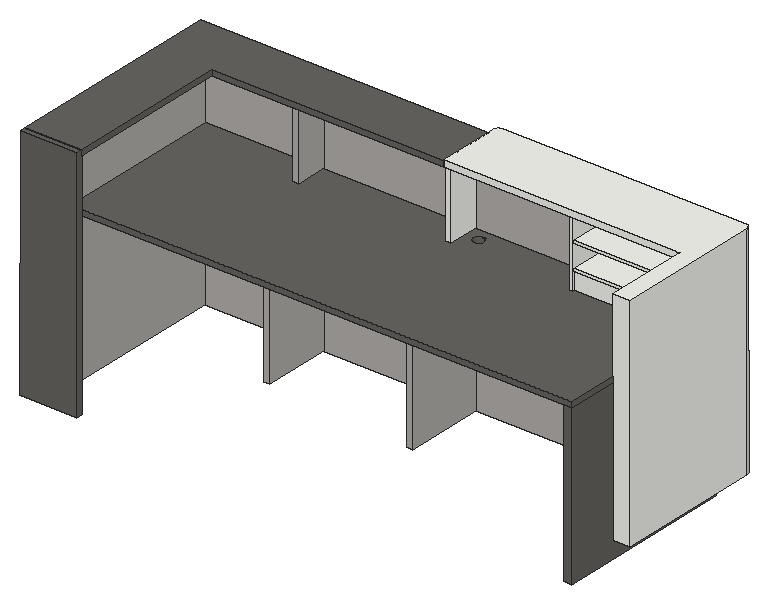
Revit family "Table-Teknion-CWRF_Reception_Full_Enclosure-R2016", category Furniture, Revit 2018 (continued)
Dimensions and locks (in)
  aligned and locked: plane 16 to Sweep 31 sketch curve
  aligned and locked: plane 1 "Center Front/Back" to Sweep 31 sketch curve
  aligned and locked: Sweep 31 sketch curve to level
  aligned and locked: plane 22 to Sweep 32 sketch curve
  aligned and locked: plane 1 "Center Front/Back" to Sweep 32 sketch curve
  aligned and locked: Sweep 32 sketch curve to level
  aligned and locked: plane 23 to Sweep 33 sketch curve
  aligned and locked: plane 1 "Center Front/Back" to Sweep 33 sketch curve
  aligned and locked: plane 10 to Sweep 34 sketch curve
  aligned and locked: Sweep 34 sketch curve to plane 3 "Center Left/Right"
  aligned and locked: Sweep 34 sketch curve to plane 18
  aligned and locked: plane 19 to Sweep 34 sketch curve
  aligned and locked: Sweep 34 sketch curve to level
  aligned and locked: level to Sweep 34 sketch curve
  aligned and locked: plane 1 "Center Front/Back" to Sweep 35 sketch curve
  aligned and locked: Sweep 37 sketch curve to plane 3 "Center Left/Right"
  aligned and locked: Sweep 38 sketch curve to plane 3 "Center Left/Right"
  aligned and locked: plane 4 "Left" to curve 63
  aligned and locked: curve 62 to plane 6 "Back"
  aligned and locked: plane 5 "Right" to curve 65
  aligned and locked: curve 64 to plane 7 "Front"
  aligned and locked: Masking region 4 sketch curve to curve 64
  aligned and locked: Masking region 4 sketch curve to curve 63
  aligned and locked: Masking region 4 sketch curve to Sweep 4  (x2)
  aligned and locked: Masking region 5 sketch curve to Sweep 3  (x2)
  aligned and locked: Masking region 5 sketch curve to curve 64
  aligned and locked: curve 65 to Masking region 5 sketch curve
  aligned and locked: plane 13 to Masking region 6 sketch curve
  aligned and locked: Masking region 6 sketch curve to plane 17
  aligned and locked: plane 17 to Masking region 7 sketch curve
  aligned and locked: plane 13 to Masking region 7 sketch curve
  aligned and locked: Masking region 8 sketch curve to plane 16
  aligned and locked: plane 13 to Masking region 8 sketch curve
  aligned and locked: plane 16 to Masking region 9 sketch curve
  aligned and locked: plane 13 to Masking region 9 sketch curve
  aligned and locked: plane 13 to Masking region 10 sketch curve  (x2)
  aligned and locked: plane 18 to Masking region 10 sketch curve
  aligned and locked: plane 19 to Masking region 10 sketch curve
  aligned and locked: Masking region 11 sketch curve to plane 18
  aligned and locked: Masking region 11 sketch curve to plane 19
  aligned and locked: plane 13 to Masking region 11 sketch curve
  aligned and locked: plane 13 to Masking region 12 sketch curve
  aligned and locked: Masking region 13 sketch curve to plane 13
  aligned and locked: nested 2 to plane 6 "Back"
  aligned and locked: curve 66 to cut or joined group of Sweep 30, Sweep 35
  aligned and locked: curve 67 to cut or joined group of Sweep 30, Sweep 35
  aligned and locked: curve 68 to cut or joined group of Sweep 31, Sweep 35
  aligned and locked: curve 69 to cut or joined group of Sweep 31, Sweep 35
  aligned and locked: curve 70 to cut or joined group of Sweep 22, Sweep 38
  aligned and locked: curve 71 to cut or joined group of Sweep 22, Sweep 38
  aligned and locked: curve 72 to cut or joined group of Sweep 22, Sweep 38
  aligned and locked: curve 73 to cut or joined group of Sweep 22, Sweep 38
  aligned and locked: curve 74 to cut or joined group of Sweep 24, Sweep 36
  aligned and locked: curve 75 to cut or joined group of Sweep 24, Sweep 36
  aligned and locked: curve 76 to cut or joined group of Sweep 25, Sweep 37
  aligned and locked: curve 77 to cut or joined group of Sweep 25, Sweep 37
  aligned and locked: plane 1 "Center Front/Back" to Sweep 39 sketch curve
  aligned and locked: plane 1 "Center Front/Back" to Sweep 40 sketch curve
  aligned and locked: plane 1 "Center Front/Back" to Sweep 41 sketch curve
  aligned and locked: plane 1 "Center Front/Back" to Sweep 42 sketch curve
  aligned and locked: curve 79 to cut or joined group of Sweep 32, Sweep 35
  aligned and locked: curve 80 to cut or joined group of Sweep 32, Sweep 35
  aligned and locked: curve 81 to cut or joined group of Sweep 32, Sweep 35
  aligned and locked: curve 82 to cut or joined group of Sweep 32, Sweep 35
  aligned and locked: curve 83 to cut or joined group of Sweep 33, Sweep 35
  aligned and locked: curve 84 to cut or joined group of Sweep 33, Sweep 35
  aligned and locked: curve 85 to cut or joined group of Sweep 33, Sweep 35
  aligned and locked: curve 86 to cut or joined group of Sweep 33, Sweep 35
  aligned and locked: Sweep 41 to curve 87
  aligned and locked: curve 88 to Sweep 41
  aligned and locked: curve 90 to Sweep 41
  aligned and locked: curve 91 to Sweep 42
  aligned and locked: curve 92 to Sweep 42
  aligned and locked: curve 93 to Sweep 42
  aligned and locked: curve 94 to Sweep 42
  aligned and locked: Sweep 41 to curve 95
  aligned and locked: curve 96 to Sweep 41
  aligned and locked: curve 97 to Sweep 42
  aligned and locked: curve 98 to Sweep 42
  aligned and locked: curve 99 to Sweep 40
  aligned and locked: curve 100 to Sweep 40
  aligned and locked: curve 103 to Sweep 39
  aligned and locked: curve 104 to Sweep 40
  aligned and locked: curve 105 to Sweep 17
  aligned and locked: curve 106 to Sweep 17
  aligned and locked: curve 108 to Sweep 9
  aligned and locked: curve 109 to Sweep 11
  aligned and locked: curve 110 to Sweep 18
  aligned and locked: Sweep 4 to curve 109
  aligned and locked: Sweep 3 to curve 108
Automatic sketch dimensions
  plane 10 to Sweep 2 sketch curve = 2.000"
  Sweep 3 sketch curve to plane 16 = 0.000"
  Sweep 33 sketch curve to level = 0.000"
  Sweep 36 sketch curve to plane 3 "Center Left/Right" = 0.000"
  curve 55 to plane 18 = 0.000"
  curve 54 to plane 18 = 0.000"
  curve 53 to plane 18 = 0.000"
  curve 61 to plane 16 = 0.000"
  curve 60 to plane 16 = 0.000"
  curve 59 to plane 16 = 0.000"
  curve 17 to plane 10 = 0.000"
  curve 58 to plane 17 = 0.000"
  curve 56 to plane 17 = 0.000"
  curve 57 to plane 17 = 0.000"
  curve 52 to plane 19 = 0.000"
  curve 51 to plane 19 = 0.000"
  curve 50 to plane 19 = 0.000"
  plane 16 to curve 88 = 1.250"
  curve 17 to plane 3 "Center Left/Right" = 0.750"
  plane 3 "Center Left/Right" to curve 17 = 0.750"
  curve 102 to curve 103 = 0.000"
  curve 36 to curve 78 = 0.000"
  curve 49 to plane 7 "Front" = 1.039"
  curve 49 to curve 48 = 0.000"
  curve 44 to plane 7 "Front" = 1.039"
  curve 44 to curve 45 = 0.000"
  curve 48 to curve 47 = 0.000"
  curve 45 to curve 46 = 0.000"
  radius of Sweep 35 sketch curve = 1.250"
  radius of Sweep 36 sketch curve = 1.000"
  radius of Sweep 37 sketch curve = 1.000"
  radius of Sweep 38 sketch curve = 1.000"  (x2)
Nested families (in)
  nested 1: "Accessory-Teknion-Reception_Transaction_Counter-R2016" at (-45, 15, 0), Width <- "Width", visible <- "Left", Transaction Finish <- "Transaction Finish", Left or Right <- "Left", Base Finish <- "Base Finish", type "Transaction Counter"
    with Width Availability "84, 96, 108, 120, 132, 144, and 156 Inches.", Width 96.000", Transaction Finish Wood - Teknion - MV - Solid Surface - Glacier White, Top 6.000", To render, please download texture images found here "https://assets.teknion.com/web/5e81352c1dfdb467/revit-material-swatches/", Right 42.000", Outlet Finish Plastic - Teknion - 30 - Grey, Offset 4 16.000", Offset 3 27.000", Offset 1 42.000", Offest 2 20.000", Left or Right no, Left 3.000", How To Use Teknion Materials User Guide "https://assets.teknion.com/m/205dd0a49fa58060/original/How-to-add-a-Material-Library-and-Texture-Images-to-your-Revit-project.pdf", For Additional Finishes, please visit "https://assets.teknion.com/m/44a8009b046e5d47/original/Teknion_Materials_Library.zip", Center no, Bottom 21.000", Base Finish Veneer-Teknion-5S-Flintwood-Silverwash
  nested 2: "Accessory-Teknion-Reception_Transaction_Counter-R2016" at (45, 15, 0.0625) x (-1, 0, 0) z (0, 0, 1), Width <- "Width", visible <- "Right", Transaction Finish <- "Transaction Finish", Left or Right <- "Right", type "Transaction Counter"
    with Width Availability "84, 96, 108, 120, 132, 144, and 156 Inches.", Width 96.000", Transaction Finish Wood - Teknion - MV - Solid Surface - Glacier White, Top 6.000", To render, please download texture images found here "https://assets.teknion.com/web/5e81352c1dfdb467/revit-material-swatches/", Right 42.000", Outlet Finish Plastic - Teknion - 30 - Grey, Offset 4 16.000", Offset 3 27.000", Offset 1 42.000", Offest 2 20.000", Left or Right yes, Left 3.000", How To Use Teknion Materials User Guide "https://assets.teknion.com/m/205dd0a49fa58060/original/How-to-add-a-Material-Library-and-Texture-Images-to-your-Revit-project.pdf", For Additional Finishes, please visit "https://assets.teknion.com/m/44a8009b046e5d47/original/Teknion_Materials_Library.zip", Center no, Bottom 21.000", Base Finish none
  nested 3: "Accessory-Teknion-Reception_Transaction_Counter-R2016" at (0, 15, 0), Width <- "Width", Transaction Finish <- "Transaction Finish", visible <- "Center", Center <- "Center", Base Finish <- "Base Finish", type "Transaction Counter"
    with Width Availability "84, 96, 108, 120, 132, 144, and 156 Inches.", Width 96.000", Transaction Finish Wood - Teknion - MV - Solid Surface - Glacier White, Top 6.000", To render, please download texture images found here "https://assets.teknion.com/web/5e81352c1dfdb467/revit-material-swatches/", Right 42.000", Outlet Finish Plastic - Teknion - 30 - Grey, Offset 4 16.000", Offset 3 27.000", Offset 1 42.000", Offest 2 20.000", Left or Right no, Left 3.000", How To Use Teknion Materials User Guide "https://assets.teknion.com/m/205dd0a49fa58060/original/How-to-add-a-Material-Library-and-Texture-Images-to-your-Revit-project.pdf", For Additional Finishes, please visit "https://assets.teknion.com/m/44a8009b046e5d47/original/Teknion_Materials_Library.zip", Center no, Bottom 21.000", Base Finish Veneer-Teknion-5S-Flintwood-Silverwash
Definition of nested family "Accessory-Teknion-Reception_Transaction_Counter-R2016"
  Parameters (values of type "Transaction Counter")
    Width Availability [instance] = "84, 96, 108, 120, 132, 144, and 156 Inches."  # constant formula
    Width [instance] = 156.000"
    Warranty = "http://www.teknion.com/ca/papers/legal-canada"
    Unit Weight URL = "http://www.teknion.com/ca/tools/assets#&asset=bee6a381-b954-425e-8283-5a2de3a804f2,f828d448-4b62-4231-9e5f-9a8991c0ed77"
    URL = "www.teknion.com"
    Transaction Finish [instance] = none
    Top [instance] = if(Center, 7.250", 6.000")  # 7.250"
    To render, please download texture images found here [instance] = "https://assets.teknion.com/web/5e81352c1dfdb467/revit-material-swatches/"
    Sustainability Data = "https://www.teknion.com/ca/tools/assets#&topic=216f99a5-57a0-44fc-b10a-9dee9b29ae4c&asset=444deb64-fe58-4b68-981e-f75e97781df7,b4ff2d81-9f2e-437d-9659-7cffb09c31cf"
    Series = "Custom Wood"
    Right [instance] = if(Center, Offset 3, Offset 1)  # 28.500"
    Product Page URL = "https://assets.teknion.com/m/148e0412a085a50e/original/Teknion-Reception-Sell-Sheet.pdf"
    Product Line = "Custom Wodd"
    Product Documentation Link = ""
    Part Number = "CWRF"
    Outlet Finish [instance] = none
    Offset 4 [instance] = if(Width = 144.000", 17.500", if(Width = 156.000", 19.000", 16.000"))  # 19.000"
    Offset 3 [instance] = if(Width = 144.000", 30.000", if(Width = 156.000", 28.500", 27.000"))  # 28.500"
    Offset 1 [instance] = if(Width = 84.000", 39.000", if(Width = 96.000", 42.000", if(Width = 108.000", 45.000", if(Width = 120.000", 48.000", if(Width = 132.000", 51.000", if(Width = 144.000", 54.000", 57.000"))))))  # 57.000"
    Offest 2 [instance] = if(Width = 84.000", 16.000", 20.000")  # 20.000"
    Model = ""
    Manufacturer Phone = "416-661-3370"  # constant formula
    Manufacturer Fax = "416.661.4586"  # constant formula
    Manufacturer Contact Information = "http://www.teknion.com/ca/contactus"
    Manufacturer Address = "1150 Flint Road, Toronto, ON. M3J 2J5. Canada"  # constant formula
    Manufacturer = "Teknion"  # constant formula
    Left or Right [instance] = no
    Left [instance] = if(Center, Offset 3, 3.000")  # 28.500"
    How To Use Teknion Materials User Guide [instance] = "https://assets.teknion.com/m/205dd0a49fa58060/original/How-to-add-a-Material-Library-and-Texture-Images-to-your-Revit-project.pdf"
    For Additional Finishes, please visit [instance] = "https://assets.teknion.com/m/44a8009b046e5d47/original/Teknion_Materials_Library.zip"
    Description = "Transaction Counter"
    Center [instance] = yes
    Bottom [instance] = if(Center, 4.750", 21.000")  # 4.750"
    Base Finish [instance] = none
    Assembly Code = "E2020200"
  Reference planes (in)
    plane 1 "Center Front/Back": y = 0
    plane 2: z = 0
    plane 3 "Center Left/Right": x = 0
    plane 4 "Left": x = -28.5
    plane 5 "Right": x = 28.5
    plane 6 "Back": y = 7.25
    plane 7 "Front": y = -4.75
    plane 8 "Top": z = 42.05906
    plane 9: x = -3
    plane 10: y = -21
    plane 11: y = 6
    plane 12: x = 57
    plane 13: z = 3.05906
    plane 14: x = 20
    plane 15: x = -28.5
    plane 16: y = -4.75
    plane 17: x = 28.5
    plane 18: y = 7.25
    plane 19: x = -10
    plane 20: x = 10
  Forms (in)
    Sweep 1, solid, material <- "Transaction Finish", visible <- "Left or Right"
      path origin (0, 0, 0) x (1, 0, 0) y (0, 0, 1)
        loop
          line (0, 3.05906) -> (0, 42.05906)
      profile origin (0, 0, 22.55906) x (-1, 0, 0) y (0, -1, 0)
        loop
          arc (2, -6) -> (2.70711, -5.70711) -> (3, -5) r 1
          line (3, -5) -> (3, 21) -> (0, 21) -> (0, 20.5) -> (2.5, 20.5) -> (2.5, -5.5) -> (-56.5, -5.5) -> (-56.5, -1) -> (-57, -1) -> (-57, -5)
          arc (-57, -5) -> (-56.70711, -5.70711) -> (-56, -6) r 1
          line (-56, -6) -> (2, -6)
    Sweep 2, solid, material <- "Transaction Finish", visible <- "Left or Right"
      path origin (0, 0, 0) x (1, 0, 0) y (0, 0, 1)
        loop
          line (0, 3.05906) -> (0, 41)
      profile origin (0, 0, 22.02953) x (-1, 0, 0) y (0, -1, 0)
        loop
          line (0.5, 20) -> (2, 20) -> (2, -5) -> (-39.25, -5) -> (-39.25, -1) -> (-40, -1) -> (-40, -5) -> (-56, -5) -> (-56, -1) -> (-56.5, -1) -> (-56.5, -5.5) -> (2.5, -5.5) -> (2.5, 20.5) -> (0.5, 20.5) -> (0.5, 20)
    Sweep 3, solid, material <- "Transaction Finish", visible <- "Left or Right"
      path origin (0, 0, 0) x (1, 0, 0) y (0, 0, 1)
        loop
          line (0, 41) -> (0, 42.05906)
      profile origin (0, 0, 41.52953) x (-1, 0, 0) y (0, -1, 0)
        loop
          line (3, 21) -> (0, 21) -> (0, 6) -> (-57, 6) -> (-57, -5)
          arc (-57, -5) -> (-56.70711, -5.70711) -> (-56, -6) r 1
          line (-56, -6) -> (2, -6)
          arc (2, -6) -> (2.70711, -5.70711) -> (3, -5) r 1
          line (3, -5) -> (3, 21)
    Sweep 4, solid, material <- "Transaction Finish", visible <- "Left or Right"
      path origin (0, 0, 0) x (1, 0, 0) y (0, 0, 1)
        loop
          line (0, 29) -> (0, 41)
      profile origin (0, 0, 35) x (-1, 0, 0) y (0, -1, 0)
        loop
          line (0.5, 5) -> (0.5, 20.5) -> (0, 20.5) -> (0, 5) -> (0.5, 5)
    Sweep 5, solid, material <- "Transaction Finish", visible <- "Left or Right"
      path origin (0, 0, 0) x (1, 0, 0) y (0, 0, 1)
        loop
          line (0, 29) -> (0, 41)
      profile origin (0, 0, 35) x (-1, 0, 0) y (0, -1, 0)
        loop
          line (-56, 0) -> (-56, 5.5) -> (-57, 5.5) -> (-57, 0) -> (-56, 0)
    Sweep 6, solid, material <- "Transaction Finish", visible <- "Left or Right"
      path origin (0, 0, 0) x (1, 0, 0) y (0, 0, 1)
        loop
          line (0, 29) -> (0, 41)
      profile origin (0, 0, 35) x (-1, 0, 0) y (0, -1, 0)
        loop
          line (0, -5) -> (0, 5.5) -> (-0.5, 5.5) -> (-0.5, -5) -> (0, -5)
        loop
          line (-19.5, -5) -> (-19.5, 5.5) -> (-20, 5.5) -> (-20, -5) -> (-19.5, -5)
    Sweep 7, solid, material <- "Transaction Finish", visible <- "Left or Right"
      path origin (0, 0, 0) x (1, 0, 0) y (0, 1, 0)
        loop
          line (0.5, 0) -> (19.5, 0)
      profile origin (10, 0, 0) x (0, 1, 0) y (0, 0, 1)
        loop
          line (4.9, 32.5) -> (-5.375, 32.5) -> (-5.375, 32) -> (-5.275, 32) -> (-5.275, 29) -> (-4.775, 29) -> (-4.775, 32) -> (4.9, 32) -> (4.9, 32.5)
        loop
          line (4.9, 37) -> (-5.375, 37) -> (-5.375, 36.5) -> (4.9, 36.5) -> (4.9, 37)
    Sweep 8, solid, material <- "Transaction Finish", visible <- "Center"
      path origin (0, 0, 0) x (1, 0, 0) y (0, 0, 1)
        loop
          line (0, 3.05906) -> (0, 41)
      profile origin (0, 0, 22.02953) x (-1, 0, 0) y (0, -1, 0)
        loop
          line (28.5, -2.25) -> (28, -2.25) -> (28, -6.75) -> (-28, -6.75) -> (-28, -2.25) -> (-28.5, -2.25) -> (-28.5, -6.25)
          arc (-28.5, -6.25) -> (-28.20711, -6.95711) -> (-27.5, -7.25) r 1
          line (-27.5, -7.25) -> (27.5, -7.25)
          arc (27.5, -7.25) -> (28.20711, -6.95711) -> (28.5, -6.25) r 1
          line (28.5, -6.25) -> (28.5, -2.25)
    Sweep 9, solid, material <- "Transaction Finish", visible <- "Center"
      path origin (0, 0, 0) x (1, 0, 0) y (0, 0, 1)
        loop
          line (0, 3.05906) -> (0, 41)
      profile origin (0, 0, 22.02953) x (-1, 0, 0) y (0, -1, 0)
        loop
          line (28, -2.25) -> (27.5, -2.25) -> (27.5, -6.25) -> (-27.5, -6.25) -> (-27.5, -2.25) -> (-28, -2.25) -> (-28, -6.75) -> (28, -6.75) -> (28, -2.25)
    Sweep 10, solid, material <- "Base Finish", visible <- "Center"
      path origin (0, 0, 0) x (1, 0, 0) y (0, 1, 0)
        loop
          line (0, 1.25) -> (0, 2.25)
      profile origin (0, 1.75, 0) x (-1, 0, 0) y (0, 0, 1)
        loop
          arc (10, 27.5) -> (9.85355, 27.14645) -> (9.5, 27) r 0.5
          line (9.5, 27) -> (1.5, 27) -> (1.5, 0) -> (28.5, 0) -> (28.5, 41) -> (10, 41) -> (10, 27.5)
        loop
          line (-10, 27.5) -> (-10, 41) -> (-28.5, 41) -> (-28.5, 0) -> (-1.5, 0) -> (-1.5, 27) -> (-9.5, 27)
          arc (-9.5, 27) -> (-9.85355, 27.14645) -> (-10, 27.5) r 0.5
    Sweep 11, solid, material <- "Transaction Finish", visible <- "Center"
      path origin (0, 0, 0) x (1, 0, 0) y (0, 0, 1)
        loop
          line (0, 41) -> (0, 42.05906)
      profile origin (0, 0, 41.52953) x (-1, 0, 0) y (0, -1, 0)
        loop
          line (28.5, 4.75) -> (-28.5, 4.75) -> (-28.5, -6.25)
          arc (-28.5, -6.25) -> (-28.20711, -6.95711) -> (-27.5, -7.25) r 1
          line (-27.5, -7.25) -> (27.5, -7.25)
          arc (27.5, -7.25) -> (28.20711, -6.95711) -> (28.5, -6.25) r 1
          line (28.5, -6.25) -> (28.5, 4.75)
    Sweep 12, solid, material <- "Transaction Finish", visible <- "Center"
      path origin (0, 0, 0) x (1, 0, 0) y (0, 0, 1)
        loop
          line (0, 29) -> (0, 41)
      profile origin (0, 0, 35) x (-1, 0, 0) y (0, -1, 0)
        loop
          line (28.5, -1.25) -> (28.5, 4.25) -> (27.5, 4.25) -> (27.5, -1.25) -> (28.5, -1.25)
        loop
          line (-27.5, -1.25) -> (-27.5, 4.25) -> (-28.5, 4.25) -> (-28.5, -1.25) -> (-27.5, -1.25)
        loop
          line (10, -6.25) -> (10, 4.25) -> (9.5, 4.25) -> (9.5, -6.25) -> (10, -6.25)
        loop
          line (-9.5, 4.25) -> (-10, 4.25) -> (-10, -6.25) -> (-9.5, -6.25) -> (-9.5, 4.25)
    Sweep 13, solid, material <- "Transaction Finish", visible <- "Center"
      path origin (0, 0, 0) x (1, 0, 0) y (0, 1, 0)
        loop
          line (-9.5, 0) -> (9.5, 0)
      profile origin (0, 0, 0) x (0, 1, 0) y (0, 0, 1)
        loop
          line (-4.125, 32) -> (-4.025, 32) -> (-4.025, 29) -> (-3.525, 29) -> (-3.525, 32) -> (6.15, 32) -> (6.15, 32.5) -> (-4.125, 32.5) -> (-4.125, 32)
        loop
          line (-4.125, 36.5) -> (6.15, 36.5) -> (6.15, 37) -> (-4.125, 37) -> (-4.125, 36.5)
    Sweep 14, solid, material <- "Outlet Finish", visible <- "Left or Right"
      path origin (0, 0, 0) x (1, 0, 0) y (0, 1, 0)
        loop
          line (20, 0) -> (20.06, 0)
      profile origin (20.03, 0, 0) x (0, 1, 0) y (0, 0, 1)
        loop
          arc (-5.15846, 29.25) -> (-5.08524, 29.07322) -> (-4.90846, 29) r 0.25
          line (-4.90846, 29) -> (-0.40846, 29)
          arc (-0.40846, 29) -> (-0.23169, 29.07322) -> (-0.15846, 29.25) r 0.25
          line (-0.15846, 29.25) -> (-0.15846, 31.75)
          arc (-0.15846, 31.75) -> (-0.23169, 31.92678) -> (-0.40846, 32) r 0.25
          line (-0.40846, 32) -> (-4.90846, 32)
          arc (-4.90846, 32) -> (-5.08524, 31.92678) -> (-5.15846, 31.75) r 0.25
          line (-5.15846, 31.75) -> (-5.15846, 29.25)
        loop
          line (-4.525, 31.3) -> (-4.525, 29.7)
          arc (-4.525, 29.7) -> (-4.46642, 29.55858) -> (-4.325, 29.5) r 0.2
          line (-4.325, 29.5) -> (-0.975, 29.5)
          arc (-0.975, 29.5) -> (-0.83358, 29.55858) -> (-0.775, 29.7) r 0.2
          line (-0.775, 29.7) -> (-0.775, 31.3)
          arc (-0.775, 31.3) -> (-0.83358, 31.44142) -> (-0.975, 31.5) r 0.2
          line (-0.975, 31.5) -> (-4.325, 31.5)
          arc (-4.325, 31.5) -> (-4.46642, 31.44142) -> (-4.525, 31.3) r 0.2
    Sweep 15, solid, material <- "Outlet Finish", visible <- "Left or Right"
      path origin (0, 0, 0) x (1, 0, 0) y (0, 1, 0)
        loop
          line (20, 0) -> (20.09, 0)
      profile origin (20.045, 0, 0) x (0, 1, 0) y (0, 0, 1)
        loop
          line (-4.525, 31.3) -> (-4.525, 29.7)
          arc (-4.525, 29.7) -> (-4.46642, 29.55858) -> (-4.325, 29.5) r 0.2
          line (-4.325, 29.5) -> (-0.975, 29.5)
          arc (-0.975, 29.5) -> (-0.83358, 29.55858) -> (-0.775, 29.7) r 0.2
          line (-0.775, 29.7) -> (-0.775, 31.3)
          arc (-0.775, 31.3) -> (-0.83358, 31.44142) -> (-0.975, 31.5) r 0.2
          line (-0.975, 31.5) -> (-4.325, 31.5)
          arc (-4.325, 31.5) -> (-4.46642, 31.44142) -> (-4.525, 31.3) r 0.2
        loop
          arc (-3.98543, 31.03367) -> (-4.0077, 31.02444) -> (-4.01693, 31.00217) r 0.0315
          line (-4.01693, 31.00217) -> (-4.01693, 29.99783)
          arc (-4.01693, 29.99783) -> (-4.0077, 29.97556) -> (-3.98543, 29.96633) r 0.0315
          line (-3.98543, 29.96633) -> (-2.9815, 29.96633)
          arc (-2.9815, 29.96633) -> (-2.95922, 29.97556) -> (-2.95, 29.99783) r 0.0315
          line (-2.95, 29.99783) -> (-2.95, 31.00217)
          arc (-2.95, 31.00217) -> (-2.95922, 31.02444) -> (-2.9815, 31.03367) r 0.0315
          line (-2.9815, 31.03367) -> (-3.98543, 31.03367)
        loop
          arc (-2.31063, 31.0252) -> (-2.33847, 31.01367) -> (-2.35, 30.98583) r 0.03937
          line (-2.35, 30.98583) -> (-2.35, 30.01417)
          arc (-2.35, 30.01417) -> (-2.33847, 29.98633) -> (-2.31063, 29.9748) r 0.03937
          line (-2.31063, 29.9748) -> (-1.33937, 29.9748)
          arc (-1.33937, 29.9748) -> (-1.31153, 29.98633) -> (-1.3, 30.01417) r 0.03937
          line (-1.3, 30.01417) -> (-1.3, 30.98583)
          arc (-1.3, 30.98583) -> (-1.31153, 31.01367) -> (-1.33937, 31.0252) r 0.03937
          line (-1.33937, 31.0252) -> (-2.31063, 31.0252)
        loop
          line (-1.83543, 30.81496) -> (-2.26299, 30.81496) -> (-2.26299, 30.66417) -> (-1.83543, 30.66417) -> (-1.83543, 30.81496)
        loop
          line (-2.22362, 30.18504) -> (-1.8748, 30.18504) -> (-1.8748, 30.33583) -> (-2.22362, 30.33583) -> (-2.22362, 30.18504)
        loop
          line (-3.41752, 30.24114) -> (-3.19508, 30.24114) -> (-3.19508, 30.75886) -> (-3.41752, 30.75886) -> (-3.41752, 30.24114)
        loop
          line (-3.77185, 30.75886) -> (-3.77185, 30.24114) -> (-3.54941, 30.24114) -> (-3.54941, 30.75886) -> (-3.77185, 30.75886)
        loop
          line (-1.43543, 30.64291) -> (-1.57835, 30.64291)
          arc (-1.57835, 30.64291) -> (-1.72126, 30.5) -> (-1.57835, 30.35709) r 0.14291
          line (-1.57835, 30.35709) -> (-1.43543, 30.35709) -> (-1.43543, 30.64291)
    Sweep 16, solid, material <- "Outlet Finish", visible <- "Left or Right"
      path origin (0, 0, 0) x (1, 0, 0) y (0, 1, 0)
        loop
          line (20, 0) -> (20.1, 0)
      profile origin (20.05, 0, 0) x (0, 1, 0) y (0, 0, 1)
        loop
          arc (-3.98543, 31.03367) -> (-4.0077, 31.02444) -> (-4.01693, 31.00217) r 0.0315
          line (-4.01693, 31.00217) -> (-4.01693, 29.99783)
          arc (-4.01693, 29.99783) -> (-4.0077, 29.97556) -> (-3.98543, 29.96633) r 0.0315
          line (-3.98543, 29.96633) -> (-2.9815, 29.96633)
          arc (-2.9815, 29.96633) -> (-2.95922, 29.97556) -> (-2.95, 29.99783) r 0.0315
          line (-2.95, 29.99783) -> (-2.95, 31.00217)
          arc (-2.95, 31.00217) -> (-2.95922, 31.02444) -> (-2.9815, 31.03367) r 0.0315
          line (-2.9815, 31.03367) -> (-3.98543, 31.03367)
        loop
          line (-3.54941, 30.75886) -> (-3.77185, 30.75886) -> (-3.77185, 30.24114) -> (-3.54941, 30.24114) -> (-3.54941, 30.75886)
        loop
          line (-3.19508, 30.75886) -> (-3.41752, 30.75886) -> (-3.41752, 30.24114) -> (-3.19508, 30.24114) -> (-3.19508, 30.75886)
        loop
          arc (-2.31063, 31.0252) -> (-2.33847, 31.01367) -> (-2.35, 30.98583) r 0.03937
          line (-2.35, 30.98583) -> (-2.35, 30.01417)
          arc (-2.35, 30.01417) -> (-2.33847, 29.98633) -> (-2.31063, 29.9748) r 0.03937
          line (-2.31063, 29.9748) -> (-1.33937, 29.9748)
          arc (-1.33937, 29.9748) -> (-1.31153, 29.98633) -> (-1.3, 30.01417) r 0.03937
          line (-1.3, 30.01417) -> (-1.3, 30.98583)
          arc (-1.3, 30.98583) -> (-1.31153, 31.01367) -> (-1.33937, 31.0252) r 0.03937
          line (-1.33937, 31.0252) -> (-2.31063, 31.0252)
        loop
          line (-2.26299, 30.81496) -> (-2.26299, 30.66417) -> (-1.83543, 30.66417) -> (-1.83543, 30.81496) -> (-2.26299, 30.81496)
        loop
          line (-1.8748, 30.33583) -> (-2.22362, 30.33583) -> (-2.22362, 30.18504) -> (-1.8748, 30.18504) -> (-1.8748, 30.33583)
        loop
          arc (-1.57835, 30.64291) -> (-1.72126, 30.5) -> (-1.57835, 30.35709) r 0.14291
          line (-1.57835, 30.35709) -> (-1.43543, 30.35709) -> (-1.43543, 30.64291) -> (-1.57835, 30.64291)
    Sweep 17, solid, material <- "Outlet Finish", visible <- "Center"
      path origin (-10, 1.25, 0) x (1, 0, 0) y (0, 1, 0)
        loop
          line (20, -1.25) -> (20.09, -1.25)
      profile origin (10.045, 0, 0) x (0, 1, 0) y (0, 0, 1)
        loop
          line (-3.275, 31.3) -> (-3.275, 29.7)
          arc (-3.275, 29.7) -> (-3.21642, 29.55858) -> (-3.075, 29.5) r 0.2
          line (-3.075, 29.5) -> (0.275, 29.5)
          arc (0.275, 29.5) -> (0.41642, 29.55858) -> (0.475, 29.7) r 0.2
          line (0.475, 29.7) -> (0.475, 31.3)
          arc (0.475, 31.3) -> (0.41642, 31.44142) -> (0.275, 31.5) r 0.2
          line (0.275, 31.5) -> (-3.075, 31.5)
          arc (-3.075, 31.5) -> (-3.21642, 31.44142) -> (-3.275, 31.3) r 0.2
        loop
          arc (-2.73543, 31.03367) -> (-2.7577, 31.02444) -> (-2.76693, 31.00217) r 0.0315
          line (-2.76693, 31.00217) -> (-2.76693, 29.99783)
          arc (-2.76693, 29.99783) -> (-2.7577, 29.97556) -> (-2.73543, 29.96633) r 0.0315
          line (-2.73543, 29.96633) -> (-1.7315, 29.96633)
          arc (-1.7315, 29.96633) -> (-1.70922, 29.97556) -> (-1.7, 29.99783) r 0.0315
          line (-1.7, 29.99783) -> (-1.7, 31.00217)
          arc (-1.7, 31.00217) -> (-1.70922, 31.02444) -> (-1.7315, 31.03367) r 0.0315
          line (-1.7315, 31.03367) -> (-2.73543, 31.03367)
        loop
          arc (-1.06063, 31.0252) -> (-1.08847, 31.01367) -> (-1.1, 30.98583) r 0.03937
          line (-1.1, 30.98583) -> (-1.1, 30.01417)
          arc (-1.1, 30.01417) -> (-1.08847, 29.98633) -> (-1.06063, 29.9748) r 0.03937
          line (-1.06063, 29.9748) -> (-0.08937, 29.9748)
          arc (-0.08937, 29.9748) -> (-0.06153, 29.98633) -> (-0.05, 30.01417) r 0.03937
          line (-0.05, 30.01417) -> (-0.05, 30.98583)
          arc (-0.05, 30.98583) -> (-0.06153, 31.01367) -> (-0.08937, 31.0252) r 0.03937
          line (-0.08937, 31.0252) -> (-1.06063, 31.0252)
        loop
          line (-0.58543, 30.81496) -> (-1.01299, 30.81496) -> (-1.01299, 30.66417) -> (-0.58543, 30.66417) -> (-0.58543, 30.81496)
        loop
          line (-0.97362, 30.18504) -> (-0.6248, 30.18504) -> (-0.6248, 30.33583) -> (-0.97362, 30.33583) -> (-0.97362, 30.18504)
        loop
          line (-2.16752, 30.24114) -> (-1.94508, 30.24114) -> (-1.94508, 30.75886) -> (-2.16752, 30.75886) -> (-2.16752, 30.24114)
        loop
          line (-2.52185, 30.75886) -> (-2.52185, 30.24114) -> (-2.29941, 30.24114) -> (-2.29941, 30.75886) -> (-2.52185, 30.75886)
        loop
          line (-0.18543, 30.64291) -> (-0.32835, 30.64291)
          arc (-0.32835, 30.64291) -> (-0.47126, 30.5) -> (-0.32835, 30.35709) r 0.14291
          line (-0.32835, 30.35709) -> (-0.18543, 30.35709) -> (-0.18543, 30.64291)
    Sweep 18, solid, material <- "Outlet Finish", visible <- "Center"
      path origin (-10, 1.25, 0) x (1, 0, 0) y (0, 1, 0)
        loop
          line (20, -1.25) -> (20.1, -1.25)
      profile origin (10.05, 0, 0) x (0, 1, 0) y (0, 0, 1)
        loop
          arc (-2.73543, 31.03367) -> (-2.7577, 31.02444) -> (-2.76693, 31.00217) r 0.0315
          line (-2.76693, 31.00217) -> (-2.76693, 29.99783)
          arc (-2.76693, 29.99783) -> (-2.7577, 29.97556) -> (-2.73543, 29.96633) r 0.0315
          line (-2.73543, 29.96633) -> (-1.7315, 29.96633)
          arc (-1.7315, 29.96633) -> (-1.70922, 29.97556) -> (-1.7, 29.99783) r 0.0315
          line (-1.7, 29.99783) -> (-1.7, 31.00217)
          arc (-1.7, 31.00217) -> (-1.70922, 31.02444) -> (-1.7315, 31.03367) r 0.0315
          line (-1.7315, 31.03367) -> (-2.73543, 31.03367)
        loop
          line (-2.29941, 30.75886) -> (-2.52185, 30.75886) -> (-2.52185, 30.24114) -> (-2.29941, 30.24114) -> (-2.29941, 30.75886)
        loop
          line (-1.94508, 30.75886) -> (-2.16752, 30.75886) -> (-2.16752, 30.24114) -> (-1.94508, 30.24114) -> (-1.94508, 30.75886)
        loop
          arc (-1.06063, 31.0252) -> (-1.08847, 31.01367) -> (-1.1, 30.98583) r 0.03937
          line (-1.1, 30.98583) -> (-1.1, 30.01417)
          arc (-1.1, 30.01417) -> (-1.08847, 29.98633) -> (-1.06063, 29.9748) r 0.03937
          line (-1.06063, 29.9748) -> (-0.08937, 29.9748)
          arc (-0.08937, 29.9748) -> (-0.06153, 29.98633) -> (-0.05, 30.01417) r 0.03937
          line (-0.05, 30.01417) -> (-0.05, 30.98583)
          arc (-0.05, 30.98583) -> (-0.06153, 31.01367) -> (-0.08937, 31.0252) r 0.03937
          line (-0.08937, 31.0252) -> (-1.06063, 31.0252)
        loop
          line (-1.01299, 30.81496) -> (-1.01299, 30.66417) -> (-0.58543, 30.66417) -> (-0.58543, 30.81496) -> (-1.01299, 30.81496)
        loop
          line (-0.6248, 30.33583) -> (-0.97362, 30.33583) -> (-0.97362, 30.18504) -> (-0.6248, 30.18504) -> (-0.6248, 30.33583)
        loop
          arc (-0.32835, 30.64291) -> (-0.47126, 30.5) -> (-0.32835, 30.35709) r 0.14291
          line (-0.32835, 30.35709) -> (-0.18543, 30.35709) -> (-0.18543, 30.64291) -> (-0.32835, 30.64291)
    Sweep 19, solid, material <- "Outlet Finish", visible <- "Center"
      path origin (0, 0, 0) x (1, 0, 0) y (0, 1, 0)
        loop
          line (10, 0) -> (10.06, 0)
      profile origin (10.03, 0, 0) x (0, 1, 0) y (0, 0, 1)
        loop
          arc (-3.65846, 32) -> (-3.83524, 31.92678) -> (-3.90846, 31.75) r 0.25
          line (-3.90846, 31.75) -> (-3.90846, 29.25)
          arc (-3.90846, 29.25) -> (-3.83524, 29.07322) -> (-3.65846, 29) r 0.25
          line (-3.65846, 29) -> (0.84154, 29)
          arc (0.84154, 29) -> (1.01831, 29.07322) -> (1.09154, 29.25) r 0.25
          line (1.09154, 29.25) -> (1.09154, 31.75)
          arc (1.09154, 31.75) -> (1.01831, 31.92678) -> (0.84154, 32) r 0.25
          line (0.84154, 32) -> (-3.65846, 32)
        loop
          line (-3.275, 31.3) -> (-3.275, 29.7)
          arc (-3.275, 29.7) -> (-3.21642, 29.55858) -> (-3.075, 29.5) r 0.2
          line (-3.075, 29.5) -> (0.275, 29.5)
          arc (0.275, 29.5) -> (0.41642, 29.55858) -> (0.475, 29.7) r 0.2
          line (0.475, 29.7) -> (0.475, 31.3)
          arc (0.475, 31.3) -> (0.41642, 31.44142) -> (0.275, 31.5) r 0.2
          line (0.275, 31.5) -> (-3.075, 31.5)
          arc (-3.075, 31.5) -> (-3.21642, 31.44142) -> (-3.275, 31.3) r 0.2
    Sweep 20, solid, material <- "Outlet Finish", visible <- "Center"
      path origin (10, 1.25, 0) x (-1, 0, 0) y (0, 1, 0)
        loop
          line (20, -1.25) -> (20.09, -1.25)
      profile origin (-10.045, 0, 0) x (0, -1, 0) y (0, 0, 1)
        loop
          arc (3.275, 31.3) -> (3.21642, 31.44142) -> (3.075, 31.5) r 0.2
          line (3.075, 31.5) -> (-0.275, 31.5)
          arc (-0.275, 31.5) -> (-0.41642, 31.44142) -> (-0.475, 31.3) r 0.2
          line (-0.475, 31.3) -> (-0.475, 29.7)
          arc (-0.475, 29.7) -> (-0.41642, 29.55858) -> (-0.275, 29.5) r 0.2
          line (-0.275, 29.5) -> (3.075, 29.5)
          arc (3.075, 29.5) -> (3.21642, 29.55858) -> (3.275, 29.7) r 0.2
          line (3.275, 29.7) -> (3.275, 31.3)
        loop
          line (2.73543, 31.03367) -> (1.7315, 31.03367)
          arc (1.7315, 31.03367) -> (1.70922, 31.02444) -> (1.7, 31.00217) r 0.0315
          line (1.7, 31.00217) -> (1.7, 29.99783)
          arc (1.7, 29.99783) -> (1.70922, 29.97556) -> (1.7315, 29.96633) r 0.0315
          line (1.7315, 29.96633) -> (2.73543, 29.96633)
          arc (2.73543, 29.96633) -> (2.7577, 29.97556) -> (2.76693, 29.99783) r 0.0315
          line (2.76693, 29.99783) -> (2.76693, 31.00217)
          arc (2.76693, 31.00217) -> (2.7577, 31.02444) -> (2.73543, 31.03367) r 0.0315
        loop
          line (1.06063, 31.0252) -> (0.08937, 31.0252)
          arc (0.08937, 31.0252) -> (0.06153, 31.01367) -> (0.05, 30.98583) r 0.03937
          line (0.05, 30.98583) -> (0.05, 30.01417)
          arc (0.05, 30.01417) -> (0.06153, 29.98633) -> (0.08937, 29.9748) r 0.03937
          line (0.08937, 29.9748) -> (1.06063, 29.9748)
          arc (1.06063, 29.9748) -> (1.08847, 29.98633) -> (1.1, 30.01417) r 0.03937
          line (1.1, 30.01417) -> (1.1, 30.98583)
          arc (1.1, 30.98583) -> (1.08847, 31.01367) -> (1.06063, 31.0252) r 0.03937
        loop
          line (0.58543, 30.81496) -> (0.58543, 30.66417) -> (1.01299, 30.66417) -> (1.01299, 30.81496) -> (0.58543, 30.81496)
        loop
          line (0.97362, 30.18504) -> (0.97362, 30.33583) -> (0.6248, 30.33583) -> (0.6248, 30.18504) -> (0.97362, 30.18504)
        loop
          line (2.16752, 30.24114) -> (2.16752, 30.75886) -> (1.94508, 30.75886) -> (1.94508, 30.24114) -> (2.16752, 30.24114)
        loop
          line (2.52185, 30.75886) -> (2.29941, 30.75886) -> (2.29941, 30.24114) -> (2.52185, 30.24114) -> (2.52185, 30.75886)
        loop
          line (0.18543, 30.64291) -> (0.18543, 30.35709) -> (0.32835, 30.35709)
          arc (0.32835, 30.35709) -> (0.47126, 30.5) -> (0.32835, 30.64291) r 0.14291
          line (0.32835, 30.64291) -> (0.18543, 30.64291)
    Sweep 21, solid, material <- "Outlet Finish", visible <- "Center"
      path origin (10, 1.25, 0) x (-1, 0, 0) y (0, 1, 0)
        loop
          line (20, -1.25) -> (20.1, -1.25)
      profile origin (-10.05, 0, 0) x (0, -1, 0) y (0, 0, 1)
        loop
          line (2.73543, 31.03367) -> (1.7315, 31.03367)
          arc (1.7315, 31.03367) -> (1.70922, 31.02444) -> (1.7, 31.00217) r 0.0315
          line (1.7, 31.00217) -> (1.7, 29.99783)
          arc (1.7, 29.99783) -> (1.70922, 29.97556) -> (1.7315, 29.96633) r 0.0315
          line (1.7315, 29.96633) -> (2.73543, 29.96633)
          arc (2.73543, 29.96633) -> (2.7577, 29.97556) -> (2.76693, 29.99783) r 0.0315
          line (2.76693, 29.99783) -> (2.76693, 31.00217)
          arc (2.76693, 31.00217) -> (2.7577, 31.02444) -> (2.73543, 31.03367) r 0.0315
        loop
          line (2.29941, 30.75886) -> (2.29941, 30.24114) -> (2.52185, 30.24114) -> (2.52185, 30.75886) -> (2.29941, 30.75886)
        loop
          line (1.94508, 30.75886) -> (1.94508, 30.24114) -> (2.16752, 30.24114) -> (2.16752, 30.75886) -> (1.94508, 30.75886)
        loop
          line (1.06063, 31.0252) -> (0.08937, 31.0252)
          arc (0.08937, 31.0252) -> (0.06153, 31.01367) -> (0.05, 30.98583) r 0.03937
          line (0.05, 30.98583) -> (0.05, 30.01417)
          arc (0.05, 30.01417) -> (0.06153, 29.98633) -> (0.08937, 29.9748) r 0.03937
          line (0.08937, 29.9748) -> (1.06063, 29.9748)
          arc (1.06063, 29.9748) -> (1.08847, 29.98633) -> (1.1, 30.01417) r 0.03937
          line (1.1, 30.01417) -> (1.1, 30.98583)
          arc (1.1, 30.98583) -> (1.08847, 31.01367) -> (1.06063, 31.0252) r 0.03937
        loop
          line (1.01299, 30.81496) -> (0.58543, 30.81496) -> (0.58543, 30.66417) -> (1.01299, 30.66417) -> (1.01299, 30.81496)
        loop
          line (0.6248, 30.33583) -> (0.6248, 30.18504) -> (0.97362, 30.18504) -> (0.97362, 30.33583) -> (0.6248, 30.33583)
        loop
          line (0.32835, 30.64291) -> (0.18543, 30.64291) -> (0.18543, 30.35709) -> (0.32835, 30.35709)
          arc (0.32835, 30.35709) -> (0.47126, 30.5) -> (0.32835, 30.64291) r 0.14291
    Sweep 22, solid, material <- "Outlet Finish", visible <- "Center"
      path origin (0, 0, 0) x (-1, 0, 0) y (0, 1, 0)
        loop
          line (10, 0) -> (10.06, 0)
      profile origin (-10.03, 0, 0) x (0, -1, 0) y (0, 0, 1)
        loop
          line (3.65846, 32) -> (-0.84154, 32)
          arc (-0.84154, 32) -> (-1.01831, 31.92678) -> (-1.09154, 31.75) r 0.25
          line (-1.09154, 31.75) -> (-1.09154, 29.25)
          arc (-1.09154, 29.25) -> (-1.01831, 29.07322) -> (-0.84154, 29) r 0.25
          line (-0.84154, 29) -> (3.65846, 29)
          arc (3.65846, 29) -> (3.83524, 29.07322) -> (3.90846, 29.25) r 0.25
          line (3.90846, 29.25) -> (3.90846, 31.75)
          arc (3.90846, 31.75) -> (3.83524, 31.92678) -> (3.65846, 32) r 0.25
        loop
          arc (3.275, 31.3) -> (3.21642, 31.44142) -> (3.075, 31.5) r 0.2
          line (3.075, 31.5) -> (-0.275, 31.5)
          arc (-0.275, 31.5) -> (-0.41642, 31.44142) -> (-0.475, 31.3) r 0.2
          line (-0.475, 31.3) -> (-0.475, 29.7)
          arc (-0.475, 29.7) -> (-0.41642, 29.55858) -> (-0.275, 29.5) r 0.2
          line (-0.275, 29.5) -> (3.075, 29.5)
          arc (3.075, 29.5) -> (3.21642, 29.55858) -> (3.275, 29.7) r 0.2
          line (3.275, 29.7) -> (3.275, 31.3)
  Cuts and joins
    joined: Sweep 1, Sweep 3, Sweep 4
    joined: Sweep 8, Sweep 11
  Lines and regions (in)
    Masking region 1, visible <- "Left or Right"
      outline origin (0, 0, 0) x (1, 0, 0) y (0, 1, 0)
        loop
          line (0, -6) -> (57, -6) -> (57, 5)
          arc (57, 5) -> (56.70711, 5.70711) -> (56, 6) r 1
          line (56, 6) -> (-2, 6)
          arc (-2, 6) -> (-2.70711, 5.70711) -> (-3, 5) r 1
          line (-3, 5) -> (-3, -21) -> (0, -21) -> (0, -6)
    Masking region 2, visible <- "Center"
      outline origin (0, 0, 0) x (1, 0, 0) y (0, 1, 0)
        loop
          line (-28.5, -4.75) -> (28.5, -4.75) -> (28.5, 6.25)
          arc (28.5, 6.25) -> (28.20711, 6.95711) -> (27.5, 7.25) r 1
          line (27.5, 7.25) -> (-27.5, 7.25)
          arc (-27.5, 7.25) -> (-28.20711, 6.95711) -> (-28.5, 6.25) r 1
          line (-28.5, 6.25) -> (-28.5, -4.75)
    symbolic lines, visible <- "Left or Right", detail levels fine
      curve 1: line (0, -20.5, 0) -> (-2.5, -20.5, 0)
      curve 2: line (-2.5, 5.5, 0) -> (-2.5, -20.5, 0)
      curve 3: line (56.5, 5.5, 0) -> (-2.5, 5.5, 0)
      curve 4: line (56.5, 1, 0) -> (56.5, 5.5, 0)
      curve 5: line (56, 5, 0) -> (56, 1, 0)
      curve 6: line (40, 5, 0) -> (56, 5, 0)
      curve 7: line (40, 1, 0) -> (40, 5, 0)
      curve 8: line (39.25, 1, 0) -> (40, 1, 0)
      curve 9: line (39.25, 5, 0) -> (39.25, 1, 0)
      curve 10: line (-2, 5, 0) -> (39.25, 5, 0)
      curve 11: line (-2, -20, 0) -> (-2, 5, 0)
      curve 12: line (-0.5, -20, 0) -> (-2, -20, 0)
      curve 13: line (-0.5, -5, 0) -> (-0.5, -20.5, 0)
      curve 14: line (0, -5, 0) -> (-0.5, -5, 0)
      curve 15: line (57, 0, 0) -> (56, 0, 0)
      curve 16: line (56, 0, 0) -> (56, -5.5, 0)
      curve 17: line (56, -5.5, 0) -> (57, -5.5, 0)
      curve 18: line (0, 5, 0) -> (0, -5.5, 0)
      curve 19: line (0.5, -5.5, 0) -> (0.5, 5, 0)
      curve 20: line (0, -5.5, 0) -> (0.5, -5.5, 0)
      curve 21: line (19.5, 5, 0) -> (19.5, -5.5, 0)
      curve 22: line (20, -5.5, 0) -> (20, 5, 0)
      curve 23: line (19.5, -5.5, 0) -> (20, -5.5, 0)
      curve 24: line (0.5, -5.375, 0) -> (19.5, -5.375, 0)
      curve 25: line (0.5, -5.275, 0) -> (19.5, -5.275, 0)
      curve 26: line (19.5, -4.775, 0) -> (0.5, -4.775, 0)
      curve 27: line (0, -6, 0) -> (0, -5.5, 0)
      curve 57: line (20.06, -5.15846, 0) -> (20.06, -0.15846, 0)
      curve 58: line (20.06, -0.15846, 0) -> (20, -0.15846, 0)
      curve 59: line (20.09, -4.525, 0) -> (20.09, -0.775, 0)
      curve 60: line (20.09, -0.775, 0) -> (20, -0.775, 0)
      curve 61: line (20, -4.525, 0) -> (20.09, -4.525, 0)
      curve 62: line (20.1, -2.95, 0) -> (20, -2.95, 0)
      curve 63: line (20, -4.01693, 0) -> (20.1, -4.01693, 0)
      curve 64: line (20, -2.35, 0) -> (20.1, -2.35, 0)
      curve 65: line (20.1, -1.3, 0) -> (20, -1.3, 0)
      curve 66: line (20.1, -1.3, 0) -> (20.1, -2.35, 0)
      curve 67: line (20.1, -2.95, 0) -> (20.1, -4.01693, 0)
    symbolic lines, visible <- "Center", detail levels fine
      curve 28: line (-28.5, 2.25, 0) -> (-10, 2.25, 0)
      curve 29: line (-9.5, 2.25, 0) -> (-1.5, 2.25, 0)
      curve 30: line (-1.5, 1.25, 0) -> (-1.5, 2.25, 0)
      curve 31: line (-1.5, 1.25, 0) -> (-9.5, 1.25, 0)
      curve 32: line (-10, 1.25, 0) -> (-28.5, 1.25, 0)
      curve 33: line (-28.5, -4.25, 0) -> (-27.5, -4.25, 0)
      curve 34: line (-27.5, -4.25, 0) -> (-27.5, 1.25, 0)
      curve 35: line (-28, 6.75, 0) -> (-28, 2.25, 0)
      curve 36: line (-27.5, 2.25, 0) -> (-27.5, 6.25, 0)
      curve 37: line (-27.5, 6.25, 0) -> (27.5, 6.25, 0)
      curve 38: line (28, 6.75, 0) -> (-28, 6.75, 0)
      curve 39: line (27.5, 6.25, 0) -> (27.5, 2.25, 0)
      curve 40: line (28, 2.25, 0) -> (28, 6.75, 0)
      curve 41: line (10, 2.25, 0) -> (28.5, 2.25, 0)
      curve 42: line (1.5, 2.25, 0) -> (9.5, 2.25, 0)
      curve 43: line (1.5, 2.25, 0) -> (1.5, 1.25, 0)
      curve 44: line (9.5, 1.25, 0) -> (1.5, 1.25, 0)
      curve 45: line (28.5, 1.25, 0) -> (10, 1.25, 0)
      curve 46: line (27.5, 1.25, 0) -> (27.5, -4.25, 0)
      curve 47: line (27.5, -4.25, 0) -> (28.5, -4.25, 0)
      curve 48: line (-10, 6.25, 0) -> (-10, -4.25, 0)
      curve 49: line (-10, -4.25, 0) -> (-9.5, -4.25, 0)
      curve 50: line (-9.5, -4.25, 0) -> (-9.5, 6.25, 0)
      curve 51: line (10, -4.25, 0) -> (10, 6.25, 0)
      curve 52: line (9.5, -4.25, 0) -> (10, -4.25, 0)
      curve 53: line (9.5, 6.25, 0) -> (9.5, -4.25, 0)
      curve 54: line (9.5, -3.525, 0) -> (-9.5, -3.525, 0)
      curve 55: line (-9.5, -4.025, 0) -> (9.5, -4.025, 0)
      curve 56: line (-9.5, -4.125, 0) -> (9.5, -4.125, 0)
      curve 68: line (10.06, 1.09154, 0) -> (10, 1.09154, 0)
      curve 69: line (10, -3.90846, 0) -> (10.06, -3.90846, 0)
      curve 70: line (10.06, -3.90846, 0) -> (10.06, 1.09154, 0)
      curve 71: line (10, -3.275, 0) -> (10.09, -3.275, 0)
      curve 72: line (10.09, 0.475, 0) -> (10, 0.475, 0)
      curve 73: line (10.09, -3.275, 0) -> (10.09, 0.475, 0)
      curve 74: line (10.1, -0.05, 0) -> (10, -0.05, 0)
      curve 75: line (10, -1.1, 0) -> (10.1, -1.1, 0)
      curve 76: line (10.1, -1.7, 0) -> (10, -1.7, 0)
      curve 77: line (10, -2.76693, 0) -> (10.1, -2.76693, 0)
      curve 78: line (10.1, -2.76693, 0) -> (10.1, -1.7, 0)
      curve 79: line (10.1, -1.1, 0) -> (10.1, -0.05, 0)
      curve 80: line (-10, 1.09154, 0) -> (-10.06, 1.09154, 0)
      curve 81: line (-10.06, -3.90846, 0) -> (-10, -3.90846, 0)
      curve 82: line (-10.06, 1.09154, 0) -> (-10.06, -3.90846, 0)
      curve 83: line (-10.09, -3.275, 0) -> (-10, -3.275, 0)
      curve 84: line (-10, 0.475, 0) -> (-10.09, 0.475, 0)
      curve 85: line (-10.09, 0.475, 0) -> (-10.09, -3.275, 0)
      curve 86: line (-10, -0.05, 0) -> (-10.1, -0.05, 0)
      curve 87: line (-10.1, -1.1, 0) -> (-10, -1.1, 0)
      curve 88: line (-10, -1.7, 0) -> (-10.1, -1.7, 0)
      curve 89: line (-10.1, -2.76693, 0) -> (-10, -2.76693, 0)
      curve 90: line (-10.1, -2.76693, 0) -> (-10.1, -1.7, 0)
      curve 91: line (-10.1, -0.05, 0) -> (-10.1, -1.1, 0)
  Dimensions and locks (in)
    plane 4 "Left" to plane 5 "Right" = 57.000"
    plane 6 "Back" to plane 7 "Front" = 12.000"
    plane 8 "Top" to level = 42.05906"
    locked: plane 9 to plane 3 "Center Left/Right" at 3
    locked: plane 1 "Center Front/Back" to plane 11 at 6
    locked: plane 10 to plane 1 "Center Front/Back" at 21
    "Offset 1": plane 3 "Center Left/Right" to plane 12
    locked: plane 9 to Sweep 1 sketch curve at 0.5
    locked: plane 11 to Sweep 1 sketch curve at 0.5
    locked: Sweep 1 sketch curve to plane 10 at 0.5
    locked: plane 11 to Sweep 1 sketch curve at 5
    locked: plane 9 to Sweep 1 sketch curve at 1
    locked: plane 11 to Sweep 1 sketch curve at 1  (x2)
    locked: Sweep 1 sketch curve to plane 12 at 1
    locked: Sweep 2 sketch curve to plane 13 at 37.94094
    Sweep 2 sketch curve to Sweep 2 sketch curve to plane 10 = 0.500" locked, 0.500" locked
    plane 11 to Sweep 2 sketch curve to Sweep 2 sketch curve to Sweep 2 sketch curve to Sweep 2 sketch curve = 0.500" locked, 0.500" locked, 4.000" locked, 0.000" locked
    plane 9 to Sweep 2 sketch curve to Sweep 2 sketch curve to Sweep 2 sketch curve = 0.500" locked, 0.500" locked, 1.500" locked
    Sweep 2 sketch curve to Sweep 2 sketch curve to Sweep 2 sketch curve to Sweep 2 sketch curve to plane 12 = 0.750" locked, 16.000" locked, 0.500" locked, 0.500" locked
    locked: plane 8 "Top" to Sweep 3 sketch curve at 1.05906
    locked: Sweep 3 sketch curve to plane 10 at 15
    locked: plane 11 to Sweep 3 sketch curve at 1  (x2)
    locked: plane 9 to Sweep 3 sketch curve at 1
    locked: Sweep 3 sketch curve to plane 12 at 1
    Sweep 5 sketch curve to Sweep 5 sketch curve to plane 13 = 12.000" locked, 25.94094" locked
    locked: Sweep 5 sketch curve to plane 12 at 1
    locked: Sweep 5 sketch curve to plane 1 "Center Front/Back" at 5.5
    "Offest 2": plane 3 "Center Left/Right" to plane 14
    Sweep 6 sketch curve to Sweep 6 sketch curve to plane 13 = 12.000" locked, 25.94094" locked
    Sweep 6 sketch curve to Sweep 6 sketch curve to plane 11 = 0.000" locked, 1.000" locked
    Sweep 6 sketch curve to Sweep 6 sketch curve to plane 10 = 0.000" locked, 15.500" locked
    locked: plane 3 "Center Left/Right" to Sweep 6 sketch curve at 0.5
    locked: Sweep 6 sketch curve to plane 14 at 0.5
    locked: plane 3 "Center Left/Right" to Sweep 7 sketch curve at 0.5
    locked: Sweep 7 sketch curve to plane 14 at 0.5
    plane 13 to Sweep 7 sketch curve to Sweep 7 sketch curve to Sweep 7 sketch curve to Sweep 7 sketch curve to Sweep 7 sketch curve to Sweep 7 sketch curve = 25.94094" locked, 3.000" locked, 0.000" locked, 0.500" locked, 4.000" locked, 0.500" locked
    plane 11 to Sweep 7 sketch curve to Sweep 7 sketch curve to Sweep 7 sketch curve to Sweep 7 sketch curve to Sweep 7 sketch curve to Sweep 7 sketch curve = 1.100" locked, 0.000" locked, 9.675" locked, 0.500" locked, 0.100" locked, 0.000" locked
    "Offset 3": plane 15 to plane 3 "Center Left/Right"
    "Offset 3": plane 3 "Center Left/Right" to plane 17
    plane 16 to plane 1 "Center Front/Back" to plane 18 = 4.750" locked, 7.250" locked
    locked: Sweep 8 sketch curve to level at 41
    Sweep 8 sketch curve to Sweep 8 sketch curve to Sweep 8 sketch curve to Sweep 8 sketch curve to Sweep 8 sketch curve to plane 18 = 0.000" locked, 4.000" locked, 0.000" locked, 0.500" locked, 0.500" locked
    plane 15 to Sweep 8 sketch curve to Sweep 8 sketch curve = 0.500" locked, 0.500" locked
    Sweep 8 sketch curve to Sweep 8 sketch curve to plane 17 = 0.500" locked, 0.500" locked
    locked: Sweep 9 sketch curve to plane 13 at 37.94094
    Sweep 9 sketch curve to Sweep 9 sketch curve to Sweep 9 sketch curve to Sweep 9 sketch curve to plane 18 = 0.000" locked, 4.000" locked, 0.500" locked, 0.500" locked
    plane 15 to Sweep 9 sketch curve to Sweep 9 sketch curve = 0.500" locked, 0.500" locked
    Sweep 9 sketch curve to Sweep 9 sketch curve to plane 17 = 0.500" locked, 0.500" locked
    plane 1 "Center Front/Back" to Sweep 10 sketch curve to Sweep 10 sketch curve = 1.250" locked, 1.000" locked
    plane 19 to plane 3 "Center Left/Right" to plane 20 = 10.000" locked, 10.000" locked
    Sweep 10 sketch curve to plane 3 "Center Left/Right" to Sweep 10 sketch curve = 1.500" locked, 1.500" locked
    plane 8 "Top" to Sweep 10 sketch curve to Sweep 10 sketch curve = 1.05906" locked, 0.000" locked
    Sweep 10 sketch curve to Sweep 10 sketch curve to Sweep 10 sketch curve to Sweep 10 sketch curve to level = 0.000" locked, 0.500" locked, 0.000" locked, 27.000" locked
    locked: Sweep 10 sketch curve to plane 19 at 0.5
    locked: Sweep 10 sketch curve to plane 20 at 0.5
    locked: plane 8 "Top" to Sweep 11 sketch curve at 1.05906
    locked: plane 15 to Sweep 11 sketch curve at 1
    locked: Sweep 11 sketch curve to plane 18 at 1  (x2)
    Sweep 11 sketch curve to plane 17 = 1.000"
    Sweep 12 sketch curve to Sweep 12 sketch curve to plane 13 = 12.000" locked, 25.94094" locked
    Sweep 12 sketch curve to Sweep 12 sketch curve to Sweep 12 sketch curve to Sweep 12 sketch curve to plane 16 = 0.000" locked, 0.000" locked, 0.000" locked, 0.500" locked
    Sweep 12 sketch curve to Sweep 12 sketch curve to Sweep 12 sketch curve to Sweep 12 sketch curve to plane 18 = 0.000" locked, 5.000" locked, 0.000" locked, 1.000" locked
    locked: plane 15 to Sweep 12 sketch curve at 1
    locked: plane 19 to Sweep 12 sketch curve at 0.5
    locked: Sweep 12 sketch curve to plane 20 at 0.5
    locked: Sweep 12 sketch curve to plane 17 at 1
    Sweep 13 sketch curve to plane 3 "Center Left/Right" to Sweep 13 sketch curve = 9.500" locked, 9.500" locked
    plane 13 to Sweep 13 sketch curve to Sweep 13 sketch curve to Sweep 13 sketch curve to Sweep 13 sketch curve to Sweep 13 sketch curve to Sweep 13 sketch curve = 25.94094" locked, 3.000" locked, 0.000" locked, 0.500" locked, 4.000" locked, 0.500" locked
    Sweep 13 sketch curve to Sweep 13 sketch curve to plane 1 "Center Front/Back" to Sweep 13 sketch curve to Sweep 13 sketch curve to Sweep 13 sketch curve to Sweep 13 sketch curve = 0.000" locked, 6.150" locked, 3.525" locked, 0.500" locked, 0.100" locked, 0.000" locked
    locked: plane 9 to Masking region 1 sketch curve at 3
    locked: Masking region 1 sketch curve to plane 10 at 15
    locked: plane 9 to Masking region 1 sketch curve at 1
    locked: plane 11 to Masking region 1 sketch curve at 1  (x2)
    locked: Masking region 1 sketch curve to plane 12 at 1
    locked: Masking region 2 sketch curve to plane 18 at 1  (x2)
    locked: plane 15 to Masking region 2 sketch curve at 1
    locked: Masking region 2 sketch curve to plane 17 at 1
    "Top": plane 6 "Back" to plane 1 "Center Front/Back"
    "Bottom": plane 7 "Front" to plane 1 "Center Front/Back"
    "Left": plane 4 "Left" to plane 3 "Center Left/Right"
    "Right": plane 3 "Center Left/Right" to plane 5 "Right"
    locked: plane 14 to Sweep 14 sketch curve at 0.06
    Sweep 14 sketch curve to Sweep 14 sketch curve to Sweep 14 sketch curve to Sweep 14 sketch curve to Sweep 14 sketch curve to Sweep 14 sketch curve to Sweep 14 sketch curve to Sweep 14 sketch curve to Sweep 14 sketch curve to Sweep 14 sketch curve to Sweep 14 sketch curve to Sweep 14 sketch curve to level = 0.250" locked, 0.000" locked, 0.250" locked, 0.200" locked, 0.000" locked, 1.600" locked, 0.000" locked, 0.200" locked, 0.250" locked, 0.000" locked, 0.250" locked, 29.000" locked
    Sweep 14 sketch curve to Sweep 14 sketch curve to Sweep 14 sketch curve to plane 16 to Sweep 14 sketch curve to Sweep 14 sketch curve to Sweep 14 sketch curve to Sweep 14 sketch curve to Sweep 14 sketch curve to Sweep 14 sketch curve to Sweep 14 sketch curve to Sweep 14 sketch curve to Sweep 14 sketch curve = 0.250" locked, 0.000" locked, 0.15846" locked, 0.225" locked, 0.200" locked, 0.000" locked, 3.350" locked, 0.000" locked, 0.200" locked, 0.36654" locked, 0.000" locked, 0.250" locked
    locked: plane 14 to Sweep 15 sketch curve at 0.09
    plane 16 to Sweep 15 sketch curve to Sweep 15 sketch curve to Sweep 15 sketch curve to Sweep 15 sketch curve to Sweep 15 sketch curve to Sweep 15 sketch curve to Sweep 15 sketch curve to Sweep 15 sketch curve to Sweep 15 sketch curve to Sweep 15 sketch curve to Sweep 15 sketch curve to Sweep 15 sketch curve to Sweep 15 sketch curve to Sweep 15 sketch curve to Sweep 15 sketch curve to Sweep 15 sketch curve to Sweep 15 sketch curve to Sweep 15 sketch curve to Sweep 15 sketch curve to Sweep 15 sketch curve to Sweep 15 sketch curve to Sweep 15 sketch curve to Sweep 15 sketch curve to Sweep 15 sketch curve to Sweep 15 sketch curve to Sweep 15 sketch curve to Sweep 15 sketch curve to Sweep 15 sketch curve = 0.225" locked, 0.200" locked, 0.000" locked, 0.30807" locked, 0.0315" locked, 0.000" locked, 0.21358" locked, 0.22244" locked, 0.13189" locked, 0.22244" locked, 0.21358" locked, 0.000" locked, 0.0315" locked, 0.600" locked, 0.03937" locked, 0.000" locked, 0.04764" locked, 0.03937" locked, 0.34882" locked, 0.03937" locked, 0.25709" locked, 0.14291" locked, 0.09606" locked, 0.000" locked, 0.03937" locked, 0.325" locked, 0.000" locked, 0.200" locked
    Sweep 15 sketch curve to Sweep 15 sketch curve to Sweep 15 sketch curve to Sweep 15 sketch curve to Sweep 15 sketch curve to Sweep 15 sketch curve to Sweep 15 sketch curve to Sweep 15 sketch curve to Sweep 15 sketch curve to Sweep 15 sketch curve to Sweep 15 sketch curve to Sweep 15 sketch curve to Sweep 15 sketch curve to Sweep 15 sketch curve to Sweep 15 sketch curve to Sweep 15 sketch curve to Sweep 15 sketch curve to Sweep 15 sketch curve to Sweep 15 sketch curve to Sweep 15 sketch curve to Sweep 15 sketch curve to Sweep 15 sketch curve to Sweep 15 sketch curve to Sweep 15 sketch curve to Sweep 15 sketch curve to Sweep 15 sketch curve to Sweep 15 sketch curve to Sweep 15 sketch curve to level = 0.200" locked, 0.000" locked, 0.26633" locked, 0.00847" locked, 0.02303" locked, 0.000" locked, 0.01634" locked, 0.000" locked, 0.17087" locked, 0.0561" locked, 0.000" locked, 0.09469" locked, 0.02126" locked, 0.28583" locked, 0.02126" locked, 0.09469" locked, 0.000" locked, 0.0561" locked, 0.17087" locked, 0.000" locked, 0.01634" locked, 0.000" locked, 0.02303" locked, 0.00847" locked, 0.26633" locked, 0.000" locked, 0.200" locked, 29.500" locked
    locked: plane 14 to Sweep 16 sketch curve at 0.1
    Sweep 16 sketch curve to Sweep 16 sketch curve to Sweep 16 sketch curve to Sweep 16 sketch curve to Sweep 16 sketch curve to Sweep 16 sketch curve to Sweep 16 sketch curve to Sweep 16 sketch curve to Sweep 16 sketch curve to Sweep 16 sketch curve to Sweep 16 sketch curve to Sweep 16 sketch curve to Sweep 16 sketch curve to Sweep 16 sketch curve to Sweep 16 sketch curve to Sweep 16 sketch curve to Sweep 16 sketch curve to Sweep 16 sketch curve to Sweep 16 sketch curve to Sweep 16 sketch curve to Sweep 16 sketch curve to Sweep 16 sketch curve to level = 0.00847" locked, 0.02303" locked, 0.000" locked, 0.01634" locked, 0.000" locked, 0.17087" locked, 0.0561" locked, 0.000" locked, 0.09469" locked, 0.02126" locked, 0.28583" locked, 0.02126" locked, 0.09469" locked, 0.000" locked, 0.0561" locked, 0.17087" locked, 0.000" locked, 0.01634" locked, 0.000" locked, 0.02303" locked, 0.00847" locked, 29.96633" locked
